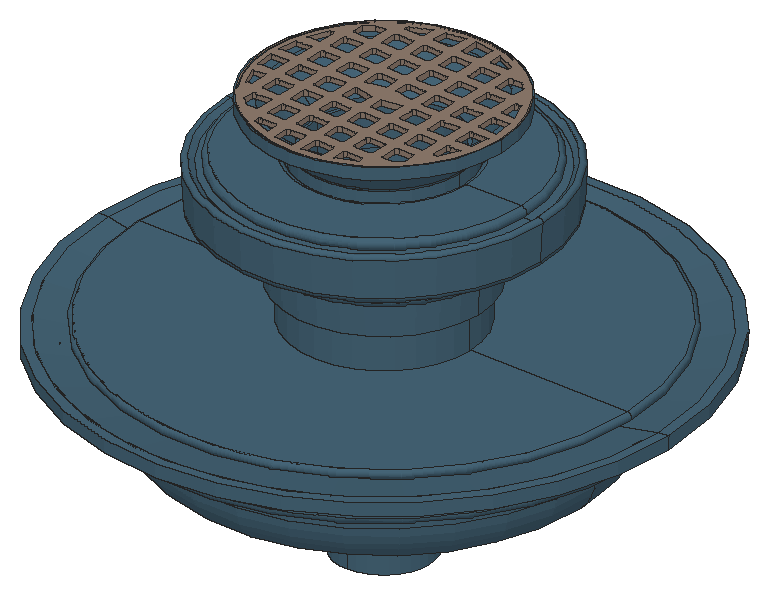
Revit family "Drain_Adjustable_6_Inch_Isolation_Deck-Zurn-Z625", category Plumbing Fixtures, Revit 2022
Family settings
  Round Connector Dimension = Use Radius
  Part Type = Normal
  Work Plane-Based = No
  Always vertical = Yes
  Cut with Voids When Loaded = No
  Maintain Annotation Orientation = No
  Shared = No
  Room Calculation Point = No
Parameters (values of type "Load Family Type Catalog")
  Width = 15.000"
  Waste Connection = 1 = 1  # yes
  WFU = 1  # constant formula
  Vent Connection = 1 = 0  # no
  URL = "www.zurn.com"
  Type Comments = "ZB625-2 Inch No-Hub Outlet"
  Top Plate Width = 6.1875"
  Product data URL = "https://www.bimobject.com/en-au/zurnindustries/product/zurn-z625/download/zurnindustries/zurn-z625"
  Product Page URL = "https://www.zurn.com/products/drainage-interceptors/floor-drains/finish-floor-drains/z625"
  Product Installation Sheet URL = "https://files.zurn.com/care-cleaning-install-warranty-sheets/fd129.pdf"
  Product Documentation Link = "https://files.zurn.com/spec-sheets/z625.pdf"
  Pipe Size_A Outer Radius = 1.188"
  Pipe Size_A Nominal Radius = 1.000"
  Pipe Size_A Inside Radius = 1.034"
  Modified Date = "12/19/2025"  # constant formula
  Model = "Z625"  # constant formula
  Manufacturer Brand = "Zurn"  # constant formula
  Manufacturer = "Zurn Water, LLC"  # constant formula
  Main Material = Iron - Zurn - Cast - Painted - Blue
  HWFU = 0  # constant formula
  HW Connection = 1 = 0  # no
  Grate Open Area = 9.000"  # constant formula
  Grate Material = Bronze - Zurn - Polished
  Frame Adjustment Height = if([Enter Value-Frame Adjustment Height] < 1.000", 1.000", if([Enter Value-Frame Adjustment Height] > 2.531", 2.531", [Enter Value-Frame Adjustment Height]))  # 1.500"
  Enter Value-Frame Adjustment Height = 1.500"
  Description = "ADJUSTABLE ISOLATION DECK DRAIN"  # constant formula
  Date Created = "12/19/2025"  # constant formula
  CWFU = 0  # constant formula
  CW Connection = 1 = 0  # no
  Body Height_E = 5.250"
  Default Elevation = 20.000"
  Assembly Code = "D2030300"
  Approx. Weight (Lbs) = 42.000"  # constant formula
Reference planes (in)
  plane 1 "Center (Front/Back)": y = 0
  plane 2: z = 0
  plane 3 "Center (Left/Right)": x = 0
  plane 4: z = -1.5
  plane 5: z = -5.4375
  plane 6: z = -10.6875
  plane 7: x = -7.5
  plane 8: x = 7.5
  plane 9: z = -8.25254
  plane 10: x = -3.09375
  plane 11: x = 3.09375
  plane 12: x = -1.188
  plane 13: x = 1.188
  plane 14: y = 1.188
  plane 15: y = -1.188
  plane 16: y = 0
  plane 17: y = 3.09375
  plane 18: y = -3.09375
  plane 19: x = -2.257
Forms (in)
  Revolve 1, solid, material "Iron - Zurn - Cast - Painted - Blue" <- "Main Material", detail levels fine
    sketch origin (0, 0, 0) x (1, 0, 0) y (0, 0, 1)
      loop
        line (-6.00187, -5.68979) -> (-7.25004, -5.4375) -> (-7.5, -5.4375) -> (-7.5, -5.75618) -> (-6.9712, -5.75618) -> (-6.83841, -5.78274)
        arc (-6.83841, -5.78274) -> (-6.73323, -5.85043) -> (-6.69235, -5.96864) r 0.19133
        line (-6.69235, -5.96864) -> (-6.69235, -6.26076)
        arc (-6.69235, -6.26076) -> (-6.6379, -6.39222) -> (-6.50645, -6.44666) r 0.1859
        line (-6.50645, -6.44666) -> (-5.82925, -6.44666)
        arc (-5.82925, -6.44666) -> (-5.70275, -6.49684) -> (-5.64335, -6.61928) r 0.1878
        line (-5.64335, -6.61928) -> (-5.60351, -7.11059)
        arc (-5.60351, -7.11059) -> (-5.20382, -7.92683) -> (-4.35534, -8.25254) r 1.24239
        line (-4.35534, -8.25254) -> (-1.188, -8.25254) -> (-1.188, -8.01352) -> (-4.17205, -8.01352)
        arc (-4.17205, -8.01352) -> (-4.93827, -7.79095) -> (-5.35745, -7.11204) r 1.11048
        line (-5.35745, -7.11204) -> (-5.47277, -5.68979) -> (-2.257, -5.68979) -> (-2.257, -5.2516) -> (-6.42449, -5.2516)
        arc (-6.42449, -5.2516) -> (-6.50782, -5.35826) -> (-6.42449, -5.46491) r 0.10992
        line (-6.42449, -5.46491) -> (-6.00187, -5.57028) -> (-6.00187, -5.68979)
      axis (0, -8.25254) -> (0, -5.2516)
    angle from 0 to 360
  Revolve 2, solid, material "Iron - Zurn - Cast - Painted - Blue" <- "Main Material", detail levels fine
    sketch origin (0, 0, 0) x (1, 0, 0) y (0, 0, 1)
      loop
        arc (-3.10716, -2.62246) -> (-3.02193, -2.66593) -> (-2.98766, -2.75525) r 0.13352
        line (-2.98766, -2.75525) -> (-2.98766, -3.24655)
        arc (-2.98766, -3.24655) -> (-2.94876, -3.34045) -> (-2.85487, -3.37934) r 0.13278
        line (-2.85487, -3.37934) -> (-2.68225, -3.37934)
        arc (-2.68225, -3.37934) -> (-2.58789, -3.41302) -> (-2.53619, -3.49884) r 0.14901
        line (-2.53619, -3.49884) -> (-2.49635, -4.32211) -> (-2.25734, -4.37522) -> (-2.25734, -6.93797) -> (-2.00505, -6.99403) -> (-2.00505, -3.25983) -> (-2.67701, -3.25983) -> (-2.74864, -1.62658) -> (-2.35029, -1.62658)
        arc (-2.35029, -1.62658) -> (-2.21884, -1.68103) -> (-2.16439, -1.81248) r 0.1859
        line (-2.16439, -1.81248) -> (-2.16439, -1.93198)
        arc (-2.16439, -1.93198) -> (-2.11655, -2.06342) -> (-1.99542, -2.13335) r 0.20447
        line (-1.99542, -2.13335) -> (-1.99542, -1.60985)
        arc (-1.99542, -1.60985) -> (-2.05074, -1.56316) -> (-2.07144, -1.4938) r 0.1266
        arc (-2.07144, -1.4938) -> (-2.10644, -1.40929) -> (-2.19095, -1.37429) r 0.11951
        line (-2.19095, -1.37429) -> (-3.62502, -1.37429)
        arc (-3.62502, -1.37429) -> (-3.75134, -1.49414) -> (-3.6383, -1.62658) r 0.12649
        line (-3.6383, -1.62658) -> (-3.90405, -1.62658) -> (-4.03725, -1.51975)
        arc (-4.03725, -1.51975) -> (-4.13686, -1.51118) -> (-4.18272, -1.60002) r 0.08984
        line (-4.18272, -1.60002) -> (-4.14288, -2.50296)
        arc (-4.14288, -2.50296) -> (-4.10788, -2.58746) -> (-4.02338, -2.62246) r 0.11951
        line (-4.02338, -2.62246) -> (-3.10716, -2.62246)
      axis (0, -6.99403) -> (0, -1.37429)
    angle from 0 to 360
  Revolve 3, solid, material "Iron - Zurn - Cast - Painted - Blue" <- "Main Material", detail levels fine
    sketch origin (0, 0, 0) x (1, 0, 0) y (0, 0, 1)
      loop
        line (-3.09375, -0.3054) -> (-2.66002, -0.3054) -> (-2.04488, -1.11081)
        arc (-2.04488, -1.11081) -> (-2.01399, -1.14053) -> (-1.99177, -1.1772) r 0.16537
        line (-1.99177, -1.1772) -> (-1.99177, -2.23948) -> (-1.75276, -2.23948) -> (-1.75276, -1.23032) -> (-1.83243, -1.23032) -> (-1.83243, -1.08994) -> (-2.65569, -0.11951) -> (-3.02749, -0.11951) -> (-3.02749, 0) -> (-3.09375, 0) -> (-3.09375, -0.3054)
      axis (0, -2.23948) -> (0, 0)
    angle from 0 to 360
  Extrusion 4, solid, material "Bronze - Zurn - Polished" <- "Grate Material", detail levels fine
    sketch origin (0, 0, 0) x (1, 0, 0) y (0, 1, 0)
      loop
        arc (-0.1875, 2.375) -> (-0.14331, 2.39331) -> (-0.125, 2.4375) r 0.0625
        line (-0.125, 2.4375) -> (-0.125, 2.87228)
        arc (-0.125, 2.87228) -> (-0.37645, 2.85025) -> (-0.625, 2.80624) r 2.875
        line (-0.625, 2.80624) -> (-0.625, 2.4375)
        arc (-0.625, 2.4375) -> (-0.60669, 2.39331) -> (-0.5625, 2.375) r 0.0625
        line (-0.5625, 2.375) -> (-0.1875, 2.375)
      loop
        arc (-1.375, 2.4375) -> (-1.35669, 2.39331) -> (-1.3125, 2.375) r 0.0625
        line (-1.3125, 2.375) -> (-0.9375, 2.375)
        arc (-0.9375, 2.375) -> (-0.89331, 2.39331) -> (-0.875, 2.4375) r 0.0625
        line (-0.875, 2.4375) -> (-0.875, 2.73861)
        arc (-0.875, 2.73861) -> (-1.13006, 2.64359) -> (-1.375, 2.52488) r 2.875
        line (-1.375, 2.52488) -> (-1.375, 2.4375)
      loop
        arc (-1.3125, 2.125) -> (-1.35669, 2.10669) -> (-1.375, 2.0625) r 0.0625
        line (-1.375, 2.0625) -> (-1.375, 1.6875)
        arc (-1.375, 1.6875) -> (-1.35669, 1.64331) -> (-1.3125, 1.625) r 0.0625
        line (-1.3125, 1.625) -> (-0.9375, 1.625)
        arc (-0.9375, 1.625) -> (-0.89331, 1.64331) -> (-0.875, 1.6875) r 0.0625
        line (-0.875, 1.6875) -> (-0.875, 2.0625)
        arc (-0.875, 2.0625) -> (-0.89331, 2.10669) -> (-0.9375, 2.125) r 0.0625
        line (-0.9375, 2.125) -> (-1.3125, 2.125)
      loop
        arc (-1.93649, 2.125) -> (-2.03293, 2.03293) -> (-2.125, 1.93649) r 2.875
        line (-2.125, 1.93649) -> (-2.125, 1.6875)
        arc (-2.125, 1.6875) -> (-2.10669, 1.64331) -> (-2.0625, 1.625) r 0.0625
        line (-2.0625, 1.625) -> (-1.6875, 1.625)
        arc (-1.6875, 1.625) -> (-1.64331, 1.64331) -> (-1.625, 1.6875) r 0.0625
        line (-1.625, 1.6875) -> (-1.625, 2.0625)
        arc (-1.625, 2.0625) -> (-1.64331, 2.10669) -> (-1.6875, 2.125) r 0.0625
        line (-1.6875, 2.125) -> (-1.93649, 2.125)
      loop
        arc (-0.5625, 2.125) -> (-0.60669, 2.10669) -> (-0.625, 2.0625) r 0.0625
        line (-0.625, 2.0625) -> (-0.625, 1.6875)
        arc (-0.625, 1.6875) -> (-0.60669, 1.64331) -> (-0.5625, 1.625) r 0.0625
        line (-0.5625, 1.625) -> (-0.1875, 1.625)
        arc (-0.1875, 1.625) -> (-0.14331, 1.64331) -> (-0.125, 1.6875) r 0.0625
        line (-0.125, 1.6875) -> (-0.125, 2.0625)
        arc (-0.125, 2.0625) -> (-0.14331, 2.10669) -> (-0.1875, 2.125) r 0.0625
        line (-0.1875, 2.125) -> (-0.5625, 2.125)
      loop
        arc (-0.5625, 1.375) -> (-0.60669, 1.35669) -> (-0.625, 1.3125) r 0.0625
        line (-0.625, 1.3125) -> (-0.625, 0.9375)
        arc (-0.625, 0.9375) -> (-0.60669, 0.89331) -> (-0.5625, 0.875) r 0.0625
        line (-0.5625, 0.875) -> (-0.1875, 0.875)
        arc (-0.1875, 0.875) -> (-0.14331, 0.89331) -> (-0.125, 0.9375) r 0.0625
        line (-0.125, 0.9375) -> (-0.125, 1.3125)
        arc (-0.125, 1.3125) -> (-0.14331, 1.35669) -> (-0.1875, 1.375) r 0.0625
        line (-0.1875, 1.375) -> (-0.5625, 1.375)
      loop
        arc (-0.9375, 0.875) -> (-0.89331, 0.89331) -> (-0.875, 0.9375) r 0.0625
        line (-0.875, 0.9375) -> (-0.875, 1.3125)
        arc (-0.875, 1.3125) -> (-0.89331, 1.35669) -> (-0.9375, 1.375) r 0.0625
        line (-0.9375, 1.375) -> (-1.3125, 1.375)
        arc (-1.3125, 1.375) -> (-1.35669, 1.35669) -> (-1.375, 1.3125) r 0.0625
        line (-1.375, 1.3125) -> (-1.375, 0.9375)
        arc (-1.375, 0.9375) -> (-1.35669, 0.89331) -> (-1.3125, 0.875) r 0.0625
        line (-1.3125, 0.875) -> (-0.9375, 0.875)
      loop
        arc (-1.6875, 0.875) -> (-1.64331, 0.89331) -> (-1.625, 0.9375) r 0.0625
        line (-1.625, 0.9375) -> (-1.625, 1.3125)
        arc (-1.625, 1.3125) -> (-1.64331, 1.35669) -> (-1.6875, 1.375) r 0.0625
        line (-1.6875, 1.375) -> (-2.0625, 1.375)
        arc (-2.0625, 1.375) -> (-2.10669, 1.35669) -> (-2.125, 1.3125) r 0.0625
        line (-2.125, 1.3125) -> (-2.125, 0.9375)
        arc (-2.125, 0.9375) -> (-2.10669, 0.89331) -> (-2.0625, 0.875) r 0.0625
        line (-2.0625, 0.875) -> (-1.6875, 0.875)
      loop
        arc (-2.4375, 0.875) -> (-2.39331, 0.89331) -> (-2.375, 0.9375) r 0.0625
        line (-2.375, 0.9375) -> (-2.375, 1.3125)
        arc (-2.375, 1.3125) -> (-2.39331, 1.35669) -> (-2.4375, 1.375) r 0.0625
        line (-2.4375, 1.375) -> (-2.52488, 1.375)
        arc (-2.52488, 1.375) -> (-2.64359, 1.13006) -> (-2.73861, 0.875) r 2.875
        line (-2.73861, 0.875) -> (-2.4375, 0.875)
      loop
        arc (-2.4375, 0.125) -> (-2.39331, 0.14331) -> (-2.375, 0.1875) r 0.0625
        line (-2.375, 0.1875) -> (-2.375, 0.5625)
        arc (-2.375, 0.5625) -> (-2.39331, 0.60669) -> (-2.4375, 0.625) r 0.0625
        line (-2.4375, 0.625) -> (-2.80624, 0.625)
        arc (-2.80624, 0.625) -> (-2.85025, 0.37645) -> (-2.87228, 0.125) r 2.875
        line (-2.87228, 0.125) -> (-2.4375, 0.125)
      loop
        arc (-1.6875, 0.125) -> (-1.64331, 0.14331) -> (-1.625, 0.1875) r 0.0625
        line (-1.625, 0.1875) -> (-1.625, 0.5625)
        arc (-1.625, 0.5625) -> (-1.64331, 0.60669) -> (-1.6875, 0.625) r 0.0625
        line (-1.6875, 0.625) -> (-2.0625, 0.625)
        arc (-2.0625, 0.625) -> (-2.10669, 0.60669) -> (-2.125, 0.5625) r 0.0625
        line (-2.125, 0.5625) -> (-2.125, 0.1875)
        arc (-2.125, 0.1875) -> (-2.10669, 0.14331) -> (-2.0625, 0.125) r 0.0625
        line (-2.0625, 0.125) -> (-1.6875, 0.125)
      loop
        arc (-0.9375, 0.125) -> (-0.89331, 0.14331) -> (-0.875, 0.1875) r 0.0625
        line (-0.875, 0.1875) -> (-0.875, 0.5625)
        arc (-0.875, 0.5625) -> (-0.89331, 0.60669) -> (-0.9375, 0.625) r 0.0625
        line (-0.9375, 0.625) -> (-1.3125, 0.625)
        arc (-1.3125, 0.625) -> (-1.35669, 0.60669) -> (-1.375, 0.5625) r 0.0625
        line (-1.375, 0.5625) -> (-1.375, 0.1875)
        arc (-1.375, 0.1875) -> (-1.35669, 0.14331) -> (-1.3125, 0.125) r 0.0625
        line (-1.3125, 0.125) -> (-0.9375, 0.125)
      loop
        arc (-0.625, 0.1875) -> (-0.61894, 0.16064) -> (-0.60192, 0.139) r 0.0625
        arc (-0.60192, 0.139) -> (-0.36733, 0.20954) -> (-0.125, 0.24536) r 1.6875
        line (-0.125, 0.24536) -> (-0.125, 0.5625)
        arc (-0.125, 0.5625) -> (-0.14331, 0.60669) -> (-0.1875, 0.625) r 0.0625
        line (-0.1875, 0.625) -> (-0.5625, 0.625)
        arc (-0.5625, 0.625) -> (-0.60669, 0.60669) -> (-0.625, 0.5625) r 0.0625
        line (-0.625, 0.5625) -> (-0.625, 0.1875)
      loop
        arc (0.5625, 2.375) -> (0.60669, 2.39331) -> (0.625, 2.4375) r 0.0625
        line (0.625, 2.4375) -> (0.625, 2.80624)
        arc (0.625, 2.80624) -> (0.37645, 2.85025) -> (0.125, 2.87228) r 2.875
        line (0.125, 2.87228) -> (0.125, 2.4375)
        arc (0.125, 2.4375) -> (0.14331, 2.39331) -> (0.1875, 2.375) r 0.0625
        line (0.1875, 2.375) -> (0.5625, 2.375)
      loop
        arc (1.3125, 2.375) -> (1.35669, 2.39331) -> (1.375, 2.4375) r 0.0625
        line (1.375, 2.4375) -> (1.375, 2.52488)
        arc (1.375, 2.52488) -> (1.13006, 2.64359) -> (0.875, 2.73861) r 2.875
        line (0.875, 2.73861) -> (0.875, 2.4375)
        arc (0.875, 2.4375) -> (0.89331, 2.39331) -> (0.9375, 2.375) r 0.0625
        line (0.9375, 2.375) -> (1.3125, 2.375)
      loop
        arc (1.3125, 1.625) -> (1.35669, 1.64331) -> (1.375, 1.6875) r 0.0625
        line (1.375, 1.6875) -> (1.375, 2.0625)
        arc (1.375, 2.0625) -> (1.35669, 2.10669) -> (1.3125, 2.125) r 0.0625
        line (1.3125, 2.125) -> (0.9375, 2.125)
        arc (0.9375, 2.125) -> (0.89331, 2.10669) -> (0.875, 2.0625) r 0.0625
        line (0.875, 2.0625) -> (0.875, 1.6875)
        arc (0.875, 1.6875) -> (0.89331, 1.64331) -> (0.9375, 1.625) r 0.0625
        line (0.9375, 1.625) -> (1.3125, 1.625)
      loop
        arc (0.1875, 2.125) -> (0.14331, 2.10669) -> (0.125, 2.0625) r 0.0625
        line (0.125, 2.0625) -> (0.125, 1.6875)
        arc (0.125, 1.6875) -> (0.14331, 1.64331) -> (0.1875, 1.625) r 0.0625
        line (0.1875, 1.625) -> (0.5625, 1.625)
        arc (0.5625, 1.625) -> (0.60669, 1.64331) -> (0.625, 1.6875) r 0.0625
        line (0.625, 1.6875) -> (0.625, 2.0625)
        arc (0.625, 2.0625) -> (0.60669, 2.10669) -> (0.5625, 2.125) r 0.0625
        line (0.5625, 2.125) -> (0.1875, 2.125)
      loop
        line (1.625, 2.0625) -> (1.625, 1.6875)
        arc (1.625, 1.6875) -> (1.64331, 1.64331) -> (1.6875, 1.625) r 0.0625
        line (1.6875, 1.625) -> (2.0625, 1.625)
        arc (2.0625, 1.625) -> (2.10669, 1.64331) -> (2.125, 1.6875) r 0.0625
        line (2.125, 1.6875) -> (2.125, 1.93649)
        arc (2.125, 1.93649) -> (2.03293, 2.03293) -> (1.93649, 2.125) r 2.875
        line (1.93649, 2.125) -> (1.6875, 2.125)
        arc (1.6875, 2.125) -> (1.64331, 2.10669) -> (1.625, 2.0625) r 0.0625
      loop
        arc (2.0625, 0.875) -> (2.10669, 0.89331) -> (2.125, 0.9375) r 0.0625
        line (2.125, 0.9375) -> (2.125, 1.3125)
        arc (2.125, 1.3125) -> (2.10669, 1.35669) -> (2.0625, 1.375) r 0.0625
        line (2.0625, 1.375) -> (1.6875, 1.375)
        arc (1.6875, 1.375) -> (1.64331, 1.35669) -> (1.625, 1.3125) r 0.0625
        line (1.625, 1.3125) -> (1.625, 0.9375)
        arc (1.625, 0.9375) -> (1.64331, 0.89331) -> (1.6875, 0.875) r 0.0625
        line (1.6875, 0.875) -> (2.0625, 0.875)
      loop
        arc (1.3125, 0.875) -> (1.35669, 0.89331) -> (1.375, 0.9375) r 0.0625
        line (1.375, 0.9375) -> (1.375, 1.3125)
        arc (1.375, 1.3125) -> (1.35669, 1.35669) -> (1.3125, 1.375) r 0.0625
        line (1.3125, 1.375) -> (0.9375, 1.375)
        arc (0.9375, 1.375) -> (0.89331, 1.35669) -> (0.875, 1.3125) r 0.0625
        line (0.875, 1.3125) -> (0.875, 0.9375)
        arc (0.875, 0.9375) -> (0.89331, 0.89331) -> (0.9375, 0.875) r 0.0625
        line (0.9375, 0.875) -> (1.3125, 0.875)
      loop
        line (0.1875, 0.875) -> (0.5625, 0.875)
        arc (0.5625, 0.875) -> (0.60669, 0.89331) -> (0.625, 0.9375) r 0.0625
        line (0.625, 0.9375) -> (0.625, 1.3125)
        arc (0.625, 1.3125) -> (0.60669, 1.35669) -> (0.5625, 1.375) r 0.0625
        line (0.5625, 1.375) -> (0.1875, 1.375)
        arc (0.1875, 1.375) -> (0.14331, 1.35669) -> (0.125, 1.3125) r 0.0625
        line (0.125, 1.3125) -> (0.125, 0.9375)
        arc (0.125, 0.9375) -> (0.14331, 0.89331) -> (0.1875, 0.875) r 0.0625
      loop
        arc (0.1875, 0.625) -> (0.14331, 0.60669) -> (0.125, 0.5625) r 0.0625
        line (0.125, 0.5625) -> (0.125, 0.24536)
        arc (0.125, 0.24536) -> (0.36733, 0.20954) -> (0.60192, 0.139) r 1.6875
        arc (0.60192, 0.139) -> (0.61894, 0.16064) -> (0.625, 0.1875) r 0.0625
        line (0.625, 0.1875) -> (0.625, 0.5625)
        arc (0.625, 0.5625) -> (0.60669, 0.60669) -> (0.5625, 0.625) r 0.0625
        line (0.5625, 0.625) -> (0.1875, 0.625)
      loop
        line (1.3125, 0.625) -> (0.9375, 0.625)
        arc (0.9375, 0.625) -> (0.89331, 0.60669) -> (0.875, 0.5625) r 0.0625
        line (0.875, 0.5625) -> (0.875, 0.1875)
        arc (0.875, 0.1875) -> (0.89331, 0.14331) -> (0.9375, 0.125) r 0.0625
        line (0.9375, 0.125) -> (1.3125, 0.125)
        arc (1.3125, 0.125) -> (1.35669, 0.14331) -> (1.375, 0.1875) r 0.0625
        line (1.375, 0.1875) -> (1.375, 0.5625)
        arc (1.375, 0.5625) -> (1.35669, 0.60669) -> (1.3125, 0.625) r 0.0625
      loop
        line (2.0625, 0.625) -> (1.6875, 0.625)
        arc (1.6875, 0.625) -> (1.64331, 0.60669) -> (1.625, 0.5625) r 0.0625
        line (1.625, 0.5625) -> (1.625, 0.1875)
        arc (1.625, 0.1875) -> (1.64331, 0.14331) -> (1.6875, 0.125) r 0.0625
        line (1.6875, 0.125) -> (2.0625, 0.125)
        arc (2.0625, 0.125) -> (2.10669, 0.14331) -> (2.125, 0.1875) r 0.0625
        line (2.125, 0.1875) -> (2.125, 0.5625)
        arc (2.125, 0.5625) -> (2.10669, 0.60669) -> (2.0625, 0.625) r 0.0625
      loop
        line (2.4375, 0.125) -> (2.87228, 0.125)
        arc (2.87228, 0.125) -> (2.85025, 0.37645) -> (2.80624, 0.625) r 2.875
        line (2.80624, 0.625) -> (2.4375, 0.625)
        arc (2.4375, 0.625) -> (2.39331, 0.60669) -> (2.375, 0.5625) r 0.0625
        line (2.375, 0.5625) -> (2.375, 0.1875)
        arc (2.375, 0.1875) -> (2.39331, 0.14331) -> (2.4375, 0.125) r 0.0625
      loop
        arc (2.73861, 0.875) -> (2.64359, 1.13006) -> (2.52488, 1.375) r 2.875
        line (2.52488, 1.375) -> (2.4375, 1.375)
        arc (2.4375, 1.375) -> (2.39331, 1.35669) -> (2.375, 1.3125) r 0.0625
        line (2.375, 1.3125) -> (2.375, 0.9375)
        arc (2.375, 0.9375) -> (2.39331, 0.89331) -> (2.4375, 0.875) r 0.0625
        line (2.4375, 0.875) -> (2.73861, 0.875)
      loop
        arc (2.0625, -0.625) -> (2.10669, -0.60669) -> (2.125, -0.5625) r 0.0625
        line (2.125, -0.5625) -> (2.125, -0.1875)
        arc (2.125, -0.1875) -> (2.10669, -0.14331) -> (2.0625, -0.125) r 0.0625
        line (2.0625, -0.125) -> (1.6875, -0.125)
        arc (1.6875, -0.125) -> (1.64331, -0.14331) -> (1.625, -0.1875) r 0.0625
        line (1.625, -0.1875) -> (1.625, -0.5625)
        arc (1.625, -0.5625) -> (1.64331, -0.60669) -> (1.6875, -0.625) r 0.0625
        line (1.6875, -0.625) -> (2.0625, -0.625)
      loop
        line (0.9375, -0.625) -> (1.3125, -0.625)
        arc (1.3125, -0.625) -> (1.35669, -0.60669) -> (1.375, -0.5625) r 0.0625
        line (1.375, -0.5625) -> (1.375, -0.1875)
        arc (1.375, -0.1875) -> (1.35669, -0.14331) -> (1.3125, -0.125) r 0.0625
        line (1.3125, -0.125) -> (0.9375, -0.125)
        arc (0.9375, -0.125) -> (0.89331, -0.14331) -> (0.875, -0.1875) r 0.0625
        line (0.875, -0.1875) -> (0.875, -0.5625)
        arc (0.875, -0.5625) -> (0.89331, -0.60669) -> (0.9375, -0.625) r 0.0625
      loop
        line (0.1875, -0.625) -> (0.5625, -0.625)
        arc (0.5625, -0.625) -> (0.60669, -0.60669) -> (0.625, -0.5625) r 0.0625
        line (0.625, -0.5625) -> (0.625, -0.1875)
        arc (0.625, -0.1875) -> (0.61894, -0.16064) -> (0.60192, -0.139) r 0.0625
        arc (0.60192, -0.139) -> (0.36733, -0.20954) -> (0.125, -0.24536) r 1.6875
        line (0.125, -0.24536) -> (0.125, -0.5625)
        arc (0.125, -0.5625) -> (0.14331, -0.60669) -> (0.1875, -0.625) r 0.0625
      loop
        arc (0.5625, -1.375) -> (0.60669, -1.35669) -> (0.625, -1.3125) r 0.0625
        line (0.625, -1.3125) -> (0.625, -0.9375)
        arc (0.625, -0.9375) -> (0.60669, -0.89331) -> (0.5625, -0.875) r 0.0625
        line (0.5625, -0.875) -> (0.1875, -0.875)
        arc (0.1875, -0.875) -> (0.14331, -0.89331) -> (0.125, -0.9375) r 0.0625
        line (0.125, -0.9375) -> (0.125, -1.3125)
        arc (0.125, -1.3125) -> (0.14331, -1.35669) -> (0.1875, -1.375) r 0.0625
        line (0.1875, -1.375) -> (0.5625, -1.375)
      loop
        line (1.375, -1.3125) -> (1.375, -0.9375)
        arc (1.375, -0.9375) -> (1.35669, -0.89331) -> (1.3125, -0.875) r 0.0625
        line (1.3125, -0.875) -> (0.9375, -0.875)
        arc (0.9375, -0.875) -> (0.89331, -0.89331) -> (0.875, -0.9375) r 0.0625
        line (0.875, -0.9375) -> (0.875, -1.3125)
        arc (0.875, -1.3125) -> (0.89331, -1.35669) -> (0.9375, -1.375) r 0.0625
        line (0.9375, -1.375) -> (1.3125, -1.375)
        arc (1.3125, -1.375) -> (1.35669, -1.35669) -> (1.375, -1.3125) r 0.0625
      loop
        arc (2.0625, -1.375) -> (2.10669, -1.35669) -> (2.125, -1.3125) r 0.0625
        line (2.125, -1.3125) -> (2.125, -0.9375)
        arc (2.125, -0.9375) -> (2.10669, -0.89331) -> (2.0625, -0.875) r 0.0625
        line (2.0625, -0.875) -> (1.6875, -0.875)
        arc (1.6875, -0.875) -> (1.64331, -0.89331) -> (1.625, -0.9375) r 0.0625
        line (1.625, -0.9375) -> (1.625, -1.3125)
        arc (1.625, -1.3125) -> (1.64331, -1.35669) -> (1.6875, -1.375) r 0.0625
        line (1.6875, -1.375) -> (2.0625, -1.375)
      loop
        line (2.4375, -1.375) -> (2.52488, -1.375)
        arc (2.52488, -1.375) -> (2.64359, -1.13006) -> (2.73861, -0.875) r 2.875
        line (2.73861, -0.875) -> (2.4375, -0.875)
        arc (2.4375, -0.875) -> (2.39331, -0.89331) -> (2.375, -0.9375) r 0.0625
        line (2.375, -0.9375) -> (2.375, -1.3125)
        arc (2.375, -1.3125) -> (2.39331, -1.35669) -> (2.4375, -1.375) r 0.0625
      loop
        arc (2.80624, -0.625) -> (2.85025, -0.37645) -> (2.87228, -0.125) r 2.875
        line (2.87228, -0.125) -> (2.4375, -0.125)
        arc (2.4375, -0.125) -> (2.39331, -0.14331) -> (2.375, -0.1875) r 0.0625
        line (2.375, -0.1875) -> (2.375, -0.5625)
        arc (2.375, -0.5625) -> (2.39331, -0.60669) -> (2.4375, -0.625) r 0.0625
        line (2.4375, -0.625) -> (2.80624, -0.625)
      loop
        arc (1.93649, -2.125) -> (2.03293, -2.03293) -> (2.125, -1.93649) r 2.875
        line (2.125, -1.93649) -> (2.125, -1.6875)
        arc (2.125, -1.6875) -> (2.10669, -1.64331) -> (2.0625, -1.625) r 0.0625
        line (2.0625, -1.625) -> (1.6875, -1.625)
        arc (1.6875, -1.625) -> (1.64331, -1.64331) -> (1.625, -1.6875) r 0.0625
        line (1.625, -1.6875) -> (1.625, -2.0625)
        arc (1.625, -2.0625) -> (1.64331, -2.10669) -> (1.6875, -2.125) r 0.0625
        line (1.6875, -2.125) -> (1.93649, -2.125)
      loop
        line (0.9375, -2.125) -> (1.3125, -2.125)
        arc (1.3125, -2.125) -> (1.35669, -2.10669) -> (1.375, -2.0625) r 0.0625
        line (1.375, -2.0625) -> (1.375, -1.6875)
        arc (1.375, -1.6875) -> (1.35669, -1.64331) -> (1.3125, -1.625) r 0.0625
        line (1.3125, -1.625) -> (0.9375, -1.625)
        arc (0.9375, -1.625) -> (0.89331, -1.64331) -> (0.875, -1.6875) r 0.0625
        line (0.875, -1.6875) -> (0.875, -2.0625)
        arc (0.875, -2.0625) -> (0.89331, -2.10669) -> (0.9375, -2.125) r 0.0625
      loop
        arc (0.5625, -2.125) -> (0.60669, -2.10669) -> (0.625, -2.0625) r 0.0625
        line (0.625, -2.0625) -> (0.625, -1.6875)
        arc (0.625, -1.6875) -> (0.60669, -1.64331) -> (0.5625, -1.625) r 0.0625
        line (0.5625, -1.625) -> (0.1875, -1.625)
        arc (0.1875, -1.625) -> (0.14331, -1.64331) -> (0.125, -1.6875) r 0.0625
        line (0.125, -1.6875) -> (0.125, -2.0625)
        arc (0.125, -2.0625) -> (0.14331, -2.10669) -> (0.1875, -2.125) r 0.0625
        line (0.1875, -2.125) -> (0.5625, -2.125)
      loop
        arc (0.125, -2.87228) -> (0.37645, -2.85025) -> (0.625, -2.80624) r 2.875
        line (0.625, -2.80624) -> (0.625, -2.4375)
        arc (0.625, -2.4375) -> (0.60669, -2.39331) -> (0.5625, -2.375) r 0.0625
        line (0.5625, -2.375) -> (0.1875, -2.375)
        arc (0.1875, -2.375) -> (0.14331, -2.39331) -> (0.125, -2.4375) r 0.0625
        line (0.125, -2.4375) -> (0.125, -2.87228)
      loop
        line (1.3125, -2.375) -> (0.9375, -2.375)
        arc (0.9375, -2.375) -> (0.89331, -2.39331) -> (0.875, -2.4375) r 0.0625
        line (0.875, -2.4375) -> (0.875, -2.73861)
        arc (0.875, -2.73861) -> (1.13006, -2.64359) -> (1.375, -2.52488) r 2.875
        line (1.375, -2.52488) -> (1.375, -2.4375)
        arc (1.375, -2.4375) -> (1.35669, -2.39331) -> (1.3125, -2.375) r 0.0625
      loop
        line (-0.1875, -2.375) -> (-0.5625, -2.375)
        arc (-0.5625, -2.375) -> (-0.60669, -2.39331) -> (-0.625, -2.4375) r 0.0625
        line (-0.625, -2.4375) -> (-0.625, -2.80624)
        arc (-0.625, -2.80624) -> (-0.37645, -2.85025) -> (-0.125, -2.87228) r 2.875
        line (-0.125, -2.87228) -> (-0.125, -2.4375)
        arc (-0.125, -2.4375) -> (-0.14331, -2.39331) -> (-0.1875, -2.375) r 0.0625
      loop
        line (-0.125, -2.0625) -> (-0.125, -1.6875)
        arc (-0.125, -1.6875) -> (-0.14331, -1.64331) -> (-0.1875, -1.625) r 0.0625
        line (-0.1875, -1.625) -> (-0.5625, -1.625)
        arc (-0.5625, -1.625) -> (-0.60669, -1.64331) -> (-0.625, -1.6875) r 0.0625
        line (-0.625, -1.6875) -> (-0.625, -2.0625)
        arc (-0.625, -2.0625) -> (-0.60669, -2.10669) -> (-0.5625, -2.125) r 0.0625
        line (-0.5625, -2.125) -> (-0.1875, -2.125)
        arc (-0.1875, -2.125) -> (-0.14331, -2.10669) -> (-0.125, -2.0625) r 0.0625
      loop
        line (-0.125, -1.3125) -> (-0.125, -0.9375)
        arc (-0.125, -0.9375) -> (-0.14331, -0.89331) -> (-0.1875, -0.875) r 0.0625
        line (-0.1875, -0.875) -> (-0.5625, -0.875)
        arc (-0.5625, -0.875) -> (-0.60669, -0.89331) -> (-0.625, -0.9375) r 0.0625
        line (-0.625, -0.9375) -> (-0.625, -1.3125)
        arc (-0.625, -1.3125) -> (-0.60669, -1.35669) -> (-0.5625, -1.375) r 0.0625
        line (-0.5625, -1.375) -> (-0.1875, -1.375)
        arc (-0.1875, -1.375) -> (-0.14331, -1.35669) -> (-0.125, -1.3125) r 0.0625
      loop
        line (-0.125, -0.5625) -> (-0.125, -0.24536)
        arc (-0.125, -0.24536) -> (-0.36733, -0.20954) -> (-0.60192, -0.139) r 1.6875
        arc (-0.60192, -0.139) -> (-0.61894, -0.16064) -> (-0.625, -0.1875) r 0.0625
        line (-0.625, -0.1875) -> (-0.625, -0.5625)
        arc (-0.625, -0.5625) -> (-0.60669, -0.60669) -> (-0.5625, -0.625) r 0.0625
        line (-0.5625, -0.625) -> (-0.1875, -0.625)
        arc (-0.1875, -0.625) -> (-0.14331, -0.60669) -> (-0.125, -0.5625) r 0.0625
      loop
        line (-1.3125, -0.625) -> (-0.9375, -0.625)
        arc (-0.9375, -0.625) -> (-0.89331, -0.60669) -> (-0.875, -0.5625) r 0.0625
        line (-0.875, -0.5625) -> (-0.875, -0.1875)
        arc (-0.875, -0.1875) -> (-0.89331, -0.14331) -> (-0.9375, -0.125) r 0.0625
        line (-0.9375, -0.125) -> (-1.3125, -0.125)
        arc (-1.3125, -0.125) -> (-1.35669, -0.14331) -> (-1.375, -0.1875) r 0.0625
        line (-1.375, -0.1875) -> (-1.375, -0.5625)
        arc (-1.375, -0.5625) -> (-1.35669, -0.60669) -> (-1.3125, -0.625) r 0.0625
      loop
        line (-2.375, -0.5625) -> (-2.375, -0.1875)
        arc (-2.375, -0.1875) -> (-2.39331, -0.14331) -> (-2.4375, -0.125) r 0.0625
        line (-2.4375, -0.125) -> (-2.87228, -0.125)
        arc (-2.87228, -0.125) -> (-2.85025, -0.37645) -> (-2.80624, -0.625) r 2.875
        line (-2.80624, -0.625) -> (-2.4375, -0.625)
        arc (-2.4375, -0.625) -> (-2.39331, -0.60669) -> (-2.375, -0.5625) r 0.0625
      loop
        line (-2.0625, -1.375) -> (-1.6875, -1.375)
        arc (-1.6875, -1.375) -> (-1.64331, -1.35669) -> (-1.625, -1.3125) r 0.0625
        line (-1.625, -1.3125) -> (-1.625, -0.9375)
        arc (-1.625, -0.9375) -> (-1.64331, -0.89331) -> (-1.6875, -0.875) r 0.0625
        line (-1.6875, -0.875) -> (-2.0625, -0.875)
        arc (-2.0625, -0.875) -> (-2.10669, -0.89331) -> (-2.125, -0.9375) r 0.0625
        line (-2.125, -0.9375) -> (-2.125, -1.3125)
        arc (-2.125, -1.3125) -> (-2.10669, -1.35669) -> (-2.0625, -1.375) r 0.0625
      loop
        arc (-0.875, -1.6875) -> (-0.89331, -1.64331) -> (-0.9375, -1.625) r 0.0625
        line (-0.9375, -1.625) -> (-1.3125, -1.625)
        arc (-1.3125, -1.625) -> (-1.35669, -1.64331) -> (-1.375, -1.6875) r 0.0625
        line (-1.375, -1.6875) -> (-1.375, -2.0625)
        arc (-1.375, -2.0625) -> (-1.35669, -2.10669) -> (-1.3125, -2.125) r 0.0625
        line (-1.3125, -2.125) -> (-0.9375, -2.125)
        arc (-0.9375, -2.125) -> (-0.89331, -2.10669) -> (-0.875, -2.0625) r 0.0625
        line (-0.875, -2.0625) -> (-0.875, -1.6875)
      loop
        arc (-1.625, -0.1875) -> (-1.64331, -0.14331) -> (-1.6875, -0.125) r 0.0625
        line (-1.6875, -0.125) -> (-2.0625, -0.125)
        arc (-2.0625, -0.125) -> (-2.10669, -0.14331) -> (-2.125, -0.1875) r 0.0625
        line (-2.125, -0.1875) -> (-2.125, -0.5625)
        arc (-2.125, -0.5625) -> (-2.10669, -0.60669) -> (-2.0625, -0.625) r 0.0625
        line (-2.0625, -0.625) -> (-1.6875, -0.625)
        arc (-1.6875, -0.625) -> (-1.64331, -0.60669) -> (-1.625, -0.5625) r 0.0625
        line (-1.625, -0.5625) -> (-1.625, -0.1875)
      loop
        arc (-0.875, -0.9375) -> (-0.89331, -0.89331) -> (-0.9375, -0.875) r 0.0625
        line (-0.9375, -0.875) -> (-1.3125, -0.875)
        arc (-1.3125, -0.875) -> (-1.35669, -0.89331) -> (-1.375, -0.9375) r 0.0625
        line (-1.375, -0.9375) -> (-1.375, -1.3125)
        arc (-1.375, -1.3125) -> (-1.35669, -1.35669) -> (-1.3125, -1.375) r 0.0625
        line (-1.3125, -1.375) -> (-0.9375, -1.375)
        arc (-0.9375, -1.375) -> (-0.89331, -1.35669) -> (-0.875, -1.3125) r 0.0625
        line (-0.875, -1.3125) -> (-0.875, -0.9375)
      loop
        line (-2.4375, -0.875) -> (-2.73861, -0.875)
        arc (-2.73861, -0.875) -> (-2.64359, -1.13006) -> (-2.52488, -1.375) r 2.875
        line (-2.52488, -1.375) -> (-2.4375, -1.375)
        arc (-2.4375, -1.375) -> (-2.39331, -1.35669) -> (-2.375, -1.3125) r 0.0625
        line (-2.375, -1.3125) -> (-2.375, -0.9375)
        arc (-2.375, -0.9375) -> (-2.39331, -0.89331) -> (-2.4375, -0.875) r 0.0625
      loop
        line (-1.6875, -1.625) -> (-2.0625, -1.625)
        arc (-2.0625, -1.625) -> (-2.10669, -1.64331) -> (-2.125, -1.6875) r 0.0625
        line (-2.125, -1.6875) -> (-2.125, -1.93649)
        arc (-2.125, -1.93649) -> (-2.03293, -2.03293) -> (-1.93649, -2.125) r 2.875
        line (-1.93649, -2.125) -> (-1.6875, -2.125)
        arc (-1.6875, -2.125) -> (-1.64331, -2.10669) -> (-1.625, -2.0625) r 0.0625
        line (-1.625, -2.0625) -> (-1.625, -1.6875)
        arc (-1.625, -1.6875) -> (-1.64331, -1.64331) -> (-1.6875, -1.625) r 0.0625
      loop
        line (-0.9375, -2.375) -> (-1.3125, -2.375)
        arc (-1.3125, -2.375) -> (-1.35669, -2.39331) -> (-1.375, -2.4375) r 0.0625
        line (-1.375, -2.4375) -> (-1.375, -2.52488)
        arc (-1.375, -2.52488) -> (-1.13006, -2.64359) -> (-0.875, -2.73861) r 2.875
        line (-0.875, -2.73861) -> (-0.875, -2.4375)
        arc (-0.875, -2.4375) -> (-0.89331, -2.39331) -> (-0.9375, -2.375) r 0.0625
      loop
        circle (0, 0) r 3.06285
    from -0.11951 to 0
  Extrusion 5, solid, material "Iron - Zurn - Cast - Painted - Blue" <- "Main Material", detail levels fine
    sketch origin (-3.3329, -60, -8.25254) x (0, -1, 0) y (-1, 0, 0)
      loop
        circle (-60, -3.3329) r 1.188
      loop
        circle (-60, -3.3329) r 1.034
    from 0 to 2.43496
Lines and regions (in)
  Masking region 1, detail levels fine
    outline origin (0, 0, 0) x (1, 0, 0) y (0, 1, 0)
      loop
        circle (0, 0) r 7.5
  model lines, detail levels coarse+medium
    curve 1: line (0, 0, 0) -> (0, 0, -10.6875)
    curve 4: line (0, -1.188, -10.6875) -> (0, 1.188, -10.6875)
    curve 5: circle (0, 0, 0) r 3.09375 normal (0, 0, 1)
    curve 6: circle (0, 0, 0) r 3.02749 normal (0, 0, 1)
    curve 7: line (-1.188, 0, -10.6875) -> (1.188, 0, -10.6875)
    curve 8: line (-1.9447, 2.32031, 0) -> (1.9447, 2.32031, 0)
    curve 9: line (-2.60248, 1.54687, 0) -> (2.60248, 1.54687, 0)
    curve 10: line (-2.92703, 0.77344, 0) -> (2.92703, 0.77344, 0)
    curve 11: line (-3.02749, 0, 0) -> (3.02749, 0, 0)
    curve 12: line (-2.92703, -0.77344, 0) -> (2.92703, -0.77344, 0)
    curve 13: line (-2.60248, -1.54688, 0) -> (2.60248, -1.54688, 0)
    curve 14: line (-1.9447, -2.32031, 0) -> (1.9447, -2.32031, 0)
    curve 15: line (-2.32031, 1.9447, 0) -> (-2.32031, -1.9447, 0)
    curve 16: line (-1.54687, 2.60248, 0) -> (-1.54687, -2.60248, 0)
    curve 17: line (-0.77344, 2.92703, 0) -> (-0.77344, -2.92703, 0)
    curve 18: line (0, 3.02749, 0) -> (0, -3.02749, 0)
    curve 19: line (0.77344, 2.92703, 0) -> (0.77344, -2.92703, 0)
    curve 20: line (1.54688, 2.60248, 0) -> (1.54688, -2.60248, 0)
    curve 21: line (2.32031, 1.9447, 0) -> (2.32031, -1.9447, 0)
  symbolic lines, detail levels fine
    curve 2: line (-6.1647, 0, -6.44666) -> (6.1647, 0, -6.44666)
    curve 3: line (0, -6.25004, -6.44666) -> (0, 6.1647, -6.44666)
Dimensions and locks (in)
  "Frame Adjustment Height": plane 2 to plane 4
  locked: plane 4 to plane 5 at 3.9375
  equal spacing: plane 8, plane 3 "Center (Left/Right)", plane 7
  locked: plane 5 to plane 9 at 2.81504
  plane 3 "Center (Left/Right)" to Revolve 1 sketch curve = 1.188"
  locked: plane 3 "Center (Left/Right)" to Revolve 1 sketch curve at 4.35534
  locked: plane 3 "Center (Left/Right)" to Revolve 1 sketch curve at 4.17205
  locked: plane 3 "Center (Left/Right)" to Revolve 1 sketch curve at 5.60351
  locked: plane 3 "Center (Left/Right)" to Revolve 1 sketch curve at 5.35745
  locked: plane 3 "Center (Left/Right)" to Revolve 1 sketch curve at 6.69235
  locked: plane 3 "Center (Left/Right)" to Revolve 1 sketch curve at 5.47277
  equal spacing: plane 11, plane 3 "Center (Left/Right)", plane 10
  "Top Plate Width": plane 11 to plane 10
  locked: Revolve 3 sketch curve to Revolve 3 sketch curve at 0.3054
  equal spacing: plane 13, plane 3 "Center (Left/Right)", plane 12
  "Pipe Size_A Outer Radius": plane 13 to plane 3 "Center (Left/Right)"
  "Width": plane 8 to plane 7
  "Body Height_E": plane 5 to plane 6
  plane 3 "Center (Left/Right)" to Revolve 3 sketch curve = 1.75276"
  plane 3 "Center (Left/Right)" to Revolve 3 sketch curve = 1.99177"
  plane 3 "Center (Left/Right)" to plane 10 = 3.09375"
  equal spacing: plane 14, plane 1 "Center (Front/Back)", plane 15
  "Pipe Size_A Outer Radius": plane 1 "Center (Front/Back)" to plane 15
  equal spacing: plane 12, plane 3 "Center (Left/Right)", plane 13
  "Pipe Size_A Outer Radius": plane 3 "Center (Left/Right)" to plane 13
  plane 17 to plane 1 "Center (Front/Back)" to plane 18 = 3.09375", 3.09375"
  "Top Plate Width": plane 17 to plane 18
  equal spacing: plane 17, curve 8, curve 9, curve 10, curve 11, curve 12, curve 13, curve 14, plane 18
  equal spacing: plane 10, plane 3 "Center (Left/Right)", plane 11
  plane 10 to plane 11 = 6.1875"
  equal spacing: plane 10, curve 15, curve 16, curve 17, curve 18, curve 19, curve 20, curve 21, plane 11
  plane 19 to plane 7 = 5.243"
  "Pipe Size_A Inside Radius": radius of Extrusion 5 sketch curve
  "Pipe Size_A Outer Radius": radius of Extrusion 5 sketch curve
  radius of curve 5 = 3.09375"
  radius of curve 6 = 3.02749"
  radius of Masking region 1 sketch curve = 7.500"
  aligned and locked: level to plane 2
  aligned and locked: Revolve 1 sketch curve to plane 7
  aligned and locked: plane 10 to Revolve 3 sketch curve
  aligned and locked: plane 2 to Revolve 3 sketch curve
  aligned and locked: plane 2 to Extrusion 4
  aligned and locked: plane 6 to curve 1
  aligned and locked: level to curve 1
  aligned and locked: plane 1 "Center (Front/Back)" to curve 1
  aligned and locked: plane 9 to Revolve 1
  aligned and locked: Revolve 1 to plane 5
  aligned and locked: Extrusion 5 to plane 6
  aligned and locked: plane 14 to curve 4
  aligned and locked: plane 15 to curve 4
  aligned and locked: plane 3 "Center (Left/Right)" to curve 4
  aligned and locked: plane 1 "Center (Front/Back)" to curve 5
  aligned and locked: plane 3 "Center (Left/Right)" to curve 5
  aligned and locked: plane 1 "Center (Front/Back)" to curve 6
  aligned and locked: plane 3 "Center (Left/Right)" to curve 6
  aligned and locked: plane 12 to curve 7
  aligned and locked: plane 13 to curve 7
  aligned and locked: plane 1 "Center (Front/Back)" to curve 7
  aligned and locked: plane 1 "Center (Front/Back)" to Masking region 1 sketch curve
  aligned and locked: plane 3 "Center (Left/Right)" to Masking region 1 sketch curve
  aligned and locked: Revolve 1 sketch curve to plane 19
Automatic sketch dimensions
  Revolve 2 sketch curve to plane 3 "Center (Left/Right)" = 0.000"
  plane 4 to Revolve 2 sketch curve = 0.0062"
  Revolve 2 sketch curve to plane 3 "Center (Left/Right)" = 1.94484"
  Revolve 2 sketch curve to Revolve 2 sketch curve = 0.01508"
  Revolve 2 sketch curve to Revolve 2 sketch curve = 0.03551"
  Revolve 2 sketch curve to plane 3 "Center (Left/Right)" = 2.00505"
  Revolve 2 sketch curve to Revolve 2 sketch curve = 0.20447"
  plane 4 to Revolve 2 sketch curve = 0.12571"
  Revolve 2 sketch curve to Revolve 2 sketch curve = 0.24611"
  plane 5 to Revolve 2 sketch curve = 1.06228"
  Revolve 2 sketch curve to Revolve 2 sketch curve = 0.25229"
  Revolve 2 sketch curve to Revolve 2 sketch curve = 0.1859"
  plane 5 to Revolve 2 sketch curve = 1.11539"
  Revolve 2 sketch curve to Revolve 2 sketch curve = 0.23901"  (x2)
  Revolve 2 sketch curve to Revolve 2 sketch curve = 0.53114"
  Revolve 2 sketch curve to Revolve 2 sketch curve = 0.14082"
  Revolve 2 sketch curve to Revolve 2 sketch curve = 0.00524"
  Revolve 2 sketch curve to plane 4 = 0.12658"  (x2)
  Revolve 2 sketch curve to Revolve 2 sketch curve = 0.39835"
  Revolve 2 sketch curve to Revolve 2 sketch curve = 0.17786"
  Revolve 2 sketch curve to Revolve 2 sketch curve = 0.13278"
  Revolve 2 sketch curve to Revolve 2 sketch curve = 0.11951"  (x2)
  Revolve 2 sketch curve to Revolve 2 sketch curve = 0.01402"
  Revolve 2 sketch curve to Revolve 2 sketch curve = 0.87638"
  Revolve 2 sketch curve to Revolve 2 sketch curve = 0.01328"
  Revolve 2 sketch curve to Revolve 2 sketch curve = 0.26575"
  Revolve 2 sketch curve to Revolve 2 sketch curve = 0.9022"
  Revolve 2 sketch curve to plane 4 = 0.08984"
  Revolve 2 sketch curve to Revolve 2 sketch curve = 0.1894"
  Revolve 2 sketch curve to plane 4 = 1.00296"
  Revolve 2 sketch curve to plane 4 = 0.10002"
  Revolve 2 sketch curve to Revolve 2 sketch curve = 0.08926"
  Revolve 2 sketch curve to plane 9 = 1.31457"
  Revolve 2 sketch curve to Revolve 2 sketch curve = 0.05606"
  Revolve 2 sketch curve to Revolve 2 sketch curve = 0.79376"
  Revolve 2 sketch curve to Revolve 2 sketch curve = 0.02951"
  Revolve 2 sketch curve to Revolve 2 sketch curve = 0.32087"
  Revolve 2 sketch curve to Revolve 2 sketch curve = 0.000"
  Revolve 2 sketch curve to plane 4 = 0.01975"  (x2)
  level to Revolve 2 sketch curve = 3.39811"
  Revolve 2 sketch curve to Revolve 2 sketch curve = 2.000"
  Extrusion 4 sketch curve to Extrusion 4 sketch curve = 0.000"  (x489)
  plane 1 "Center (Front/Back)" to Extrusion 4 sketch curve = 0.000"
  Extrusion 4 sketch curve to plane 3 "Center (Left/Right)" = 0.000"  (x3)
  Extrusion 4 sketch curve to plane 3 "Center (Left/Right)" = 0.125"  (x8)
  Extrusion 4 sketch curve to Extrusion 4 sketch curve = 0.0625"  (x140)
  Extrusion 4 sketch curve to Extrusion 4 sketch curve = 0.375"  (x36)
  Extrusion 4 sketch curve to plane 1 "Center (Front/Back)" = 0.1875"  (x3)
  Extrusion 4 sketch curve to Extrusion 4 sketch curve = 0.4375"  (x2)
  plane 1 "Center (Front/Back)" to Extrusion 4 sketch curve = 0.1875"  (x3)
  Extrusion 4 sketch curve to Extrusion 4 sketch curve = 0.250"  (x72)
  Extrusion 4 sketch curve to Extrusion 4 sketch curve = 0.24899"  (x8)
  plane 1 "Center (Front/Back)" to Extrusion 4 sketch curve = 0.125"  (x5)
  Extrusion 4 sketch curve to Extrusion 4 sketch curve = 0.08738"  (x8)
  Extrusion 4 sketch curve to Extrusion 4 sketch curve = 0.30111"  (x4)
  Extrusion 4 sketch curve to Extrusion 4 sketch curve = 0.06763"  (x8)
  Extrusion 4 sketch curve to plane 1 "Center (Front/Back)" = 0.125"  (x5)
  Extrusion 4 sketch curve to Extrusion 4 sketch curve = 0.43478"  (x2)
  plane 3 "Center (Left/Right)" to Extrusion 4 sketch curve = 0.125"  (x8)
  Extrusion 4 sketch curve to Extrusion 4 sketch curve = 0.6875"  (x2)
  Extrusion 4 sketch curve to Extrusion 4 sketch curve = 0.125"  (x2)
  plane 1 "Center (Front/Back)" to Extrusion 4 sketch curve = 0.24536"  (x2)
  Extrusion 4 sketch curve to plane 1 "Center (Front/Back)" = 0.24536"  (x2)
  Extrusion 4 sketch curve to Extrusion 4 sketch curve = 0.31714"
  curve 2 to plane 8 = 1.3353"
  curve 2 to plane 5 = 1.00916"
  curve 3 to plane 5 = 1.00916"
  plane 7 to curve 2 = 1.3353"
  plane 1 "Center (Front/Back)" to curve 3 = 6.25004"
  curve 3 to plane 1 "Center (Front/Back)" = 6.1647"
  Revolve 3 sketch curve to plane 3 "Center (Left/Right)" = 0.000"
  Revolve 3 sketch curve to Revolve 3 sketch curve = 0.06626"
  Revolve 3 sketch curve to level = 0.11951"
  Revolve 3 sketch curve to Revolve 3 sketch curve = 0.3718"
  plane 4 to Revolve 3 sketch curve = 0.25616"
  plane 4 to Revolve 3 sketch curve = 0.38919"
  Revolve 3 sketch curve to Revolve 3 sketch curve = 0.09823"
  Revolve 3 sketch curve to Revolve 3 sketch curve = 0.15934"
  Revolve 3 sketch curve to plane 4 = 0.73948"
  Revolve 3 sketch curve to Revolve 3 sketch curve = 0.05311"
  Revolve 3 sketch curve to Revolve 3 sketch curve = 0.14037"
  Revolve 3 sketch curve to Revolve 3 sketch curve = 0.00433"
  level to Revolve 3 sketch curve = 3.250"
  Revolve 3 sketch curve to Revolve 3 sketch curve = 1.32282"
  Revolve 3 sketch curve to Revolve 3 sketch curve = 0.15135"
  Revolve 1 sketch curve to plane 5 = 0.000"
  Revolve 1 sketch curve to plane 3 "Center (Left/Right)" = 0.000"
  Revolve 1 sketch curve to plane 9 = 0.000"
  Revolve 1 sketch curve to Revolve 1 sketch curve = 0.24996"
  Revolve 1 sketch curve to Revolve 1 sketch curve = 0.27885"
  Revolve 1 sketch curve to Revolve 1 sketch curve = 0.19133"
  Revolve 1 sketch curve to plane 5 = 0.34524"
  Revolve 1 sketch curve to Revolve 1 sketch curve = 0.13278"
  Revolve 1 sketch curve to Revolve 1 sketch curve = 0.1859"
  Revolve 1 sketch curve to plane 5 = 0.02741"
  Revolve 1 sketch curve to Revolve 1 sketch curve = 0.41392"
  Revolve 1 sketch curve to Revolve 1 sketch curve = 0.000"
  Revolve 1 sketch curve to Revolve 1 sketch curve = 0.02659"
  Revolve 1 sketch curve to plane 5 = 0.13278"
  Revolve 1 sketch curve to Revolve 1 sketch curve = 0.42263"
  Revolve 1 sketch curve to Revolve 1 sketch curve = 0.22702"
  Revolve 1 sketch curve to Revolve 1 sketch curve = 0.00129"
  Revolve 1 sketch curve to plane 5 = 1.18178"
  Revolve 1 sketch curve to Revolve 1 sketch curve = 0.18719"
  Revolve 1 sketch curve to Revolve 1 sketch curve = 0.99227"
  Revolve 1 sketch curve to Revolve 1 sketch curve = 0.09912"
  Revolve 1 sketch curve to Revolve 1 sketch curve = 0.23901"
  Revolve 1 sketch curve to Revolve 1 sketch curve = 0.49276"
  Revolve 1 sketch curve to Revolve 1 sketch curve = 0.00146"
  Revolve 1 sketch curve to Revolve 1 sketch curve = 0.01518"
  Revolve 1 sketch curve to plane 5 = 0.31868"
  Revolve 1 sketch curve to plane 5 = 0.25229"
  Revolve 1 sketch curve to Revolve 1 sketch curve = 0.11951"
  plane 5 to Revolve 1 sketch curve = 0.07924"
  plane 5 to Revolve 1 sketch curve = 0.500"
  Revolve 1 sketch curve to Revolve 1 sketch curve = 1.12805"
  Extrusion 5 sketch curve to Extrusion 5 sketch curve = 0.000"  (x2)
  plane 1 "Center (Front/Back)" to Extrusion 5 sketch curve = 0.000"
  Extrusion 5 sketch curve to plane 3 "Center (Left/Right)" = 0.000"
  radius of Extrusion 4 sketch curve = 3.06285"
Connectors (in)
  piping at (0, 0, -10.6875), diameter 2, driven by "Pipe Size_A Nominal Radius", driven by "Waste Connection"
    settings: on Extrusion 5, index 1, connector inside diameter 609.6 mm, connector length 0.000", flow factor 0, pipe flow 0.0 L/s, pressure drop 0.0 Pa, fitting loss kfactor 0, connector angle 0.00°, fixture units 0, engagement length 0.000", angle of deflection 0.00°, flow configuration 0, flow direction 2, fitting loss method 0, system type 16, joint type 0, gender type 0, connector reference index -1, connector utility 1, adjustable connector no, is connector primary yes, connector description "Sanitary Outlet"
Types in the file's own list only (14): name | Width | Type Comments | Top Plate Width | Pipe Size_A Outer Radius | Pipe Size_A Nominal Radius | Pipe Size_A Inside Radius | Grate Open Area | Grate Material | Frame Adjustment Height | Enter Value-Frame Adjustment Height | Body Height_E | Default Elevation | Approx. Weight (Lbs)
  ZB625-2NH | 15.000 " | "ZB625-2 Inch No-Hub Outlet" | 6.188 " | 1.188 " | 1.000 " | 1.034 " | 9.000 " | Bronze - Zurn - Polished | 1.500 " | 1.500 " | 5.250 " | 20.000 " | 42.000 "
  ZB625-2NL | 15.000 " | "ZB625-2 Inch Neo-Loc Outelt" | 6.188 " | 1.188 " | 1.000 " | 1.034 " | 9.000 " | Bronze - Zurn - Polished | 1.500 " | 1.500 " | 4.625 " | 20.000 " | 42.000 "
  ZB625-3NH | 15.000 " | "ZB625-3 Inch No-Hub Outlet" | 6.188 " | 1.750 " | 1.500 " | 1.534 " | 9.000 " | Bronze - Zurn - Polished | 1.500 " | 1.500 " | 5.250 " | 20.000 " | 42.000 "
  ZB625-3NL | 15.000 " | "ZB625-3 Inch Neo-Loc Outelt" | 6.188 " | 1.750 " | 1.500 " | 1.534 " | 9.000 " | Bronze - Zurn - Polished | 1.500 " | 1.500 " | 4.625 " | 20.000 " | 42.000 "
  ZB625-4NH | 15.000 " | "ZB625-4 Inch No-Hub Outlet" | 6.188 " | 2.250 " | 2.000 " | 2.013 " | 9.000 " | Bronze - Zurn - Polished | 1.500 " | 1.500 " | 5.250 " | 20.000 " | 42.000 "
  ZB625-4NL | 15.000 " | "ZB625-4 Inch Neo-Loc Outelt" | 6.188 " | 2.250 " | 2.000 " | 2.013 " | 9.000 " | Bronze - Zurn - Polished | 1.500 " | 1.500 " | 4.625 " | 20.000 " | 42.000 "
  ZB625-6NH | 15.000 " | "ZB625-6 Inch No-Hub Outlet" | 6.188 " | 3.313 " | 3.000 " | 3.033 " | 9.000 " | Bronze - Zurn - Polished | 1.500 " | 1.500 " | 5.250 " | 20.000 " | 42.000 "
  ZN625-2NH | 15.000 " | "ZN625-2 Inch No-Hub Outlet" | 6.188 " | 1.188 " | 1.000 " | 1.034 " | 9.000 " | Bronze - Zurn - Polished Nickel | 1.500 " | 1.500 " | 5.250 " | 20.000 " | 42.000 "
  ZN625-2NL | 15.000 " | "ZN625-2 Inch Neo-Loc Outelt" | 6.188 " | 1.188 " | 1.000 " | 1.034 " | 9.000 " | Bronze - Zurn - Polished Nickel | 1.500 " | 1.500 " | 4.625 " | 20.000 " | 42.000 "
  ZN625-3NH | 15.000 " | "ZN625-3 Inch No-Hub Outlet" | 6.188 " | 1.750 " | 1.500 " | 1.534 " | 9.000 " | Bronze - Zurn - Polished Nickel | 1.500 " | 1.500 " | 5.250 " | 20.000 " | 42.000 "
  ZN625-3NL | 15.000 " | "ZN625-3 Inch Neo-Loc Outelt" | 6.188 " | 1.750 " | 1.500 " | 1.534 " | 9.000 " | Bronze - Zurn - Polished Nickel | 1.500 " | 1.500 " | 4.625 " | 20.000 " | 42.000 "
  ZN625-4NH | 15.000 " | "ZN625-4 Inch No-Hub Outlet" | 6.188 " | 2.250 " | 2.000 " | 2.013 " | 9.000 " | Bronze - Zurn - Polished Nickel | 1.500 " | 1.500 " | 5.250 " | 20.000 " | 42.000 "
  ZN625-4NL | 15.000 " | "ZN625-4 Inch Neo-Loc Outelt" | 6.188 " | 2.250 " | 2.000 " | 2.013 " | 9.000 " | Bronze - Zurn - Polished Nickel | 1.500 " | 1.500 " | 4.625 " | 20.000 " | 42.000 "
  ZN625-6NH | 15.000 " | "ZN625-6 Inch No-Hub Outlet" | 6.188 " | 3.313 " | 3.000 " | 3.033 " | 9.000 " | Bronze - Zurn - Polished Nickel | 1.500 " | 1.500 " | 5.250 " | 20.000 " | 42.000 "
